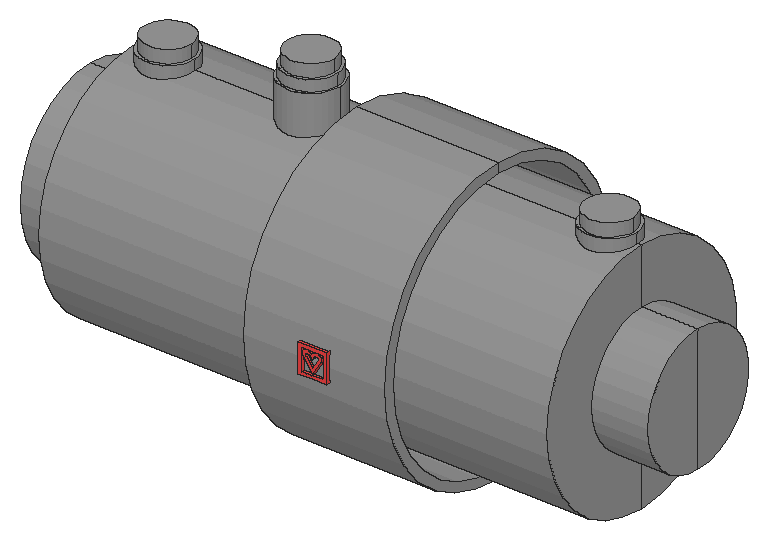
Revit family "Systemtrenner 0307 IG-AG", category Rohrzubehör, Revit 2021
Family settings
  Bemaßung runder Anschluss = Durchmesser verwenden
  Teiletyp = Unterbricht
  OmniClass-Nummer = 23.65.55.14
  OmniClass-Titel = Valves for Liquid Services
  Arbeitsebenenbasiert = Nein
  Immer vertikal = Ja
  Beim Laden mit Abzugskörper schneiden = Nein
  Gemeinsam genutzt = Nein
Parameters (values of type "IG-AG DN40-DN40")
  Vorgabe-Ansicht = 0.000 mm
  URL = "www.herz-armaturen.at"
  SCTWSEQ = "AW;SBT_TYP_AW=\"104\";2"
  SCTWCODE = "04;12;02"  # constant formula
  S03 = 15.000 mm  # constant formula
  S02 = 45.000 mm  # constant formula
  S01 = 98.000 mm  # constant formula
  Nennweite Ein [instance] = if(IG_AG_DN40_DN40, 40.000 mm, if(IG_AG_DN40_DN50, 40.000 mm, if(IG_AG_DN50_DN40, 50.000 mm, if(IG_AG_DN50_DN50, 50.000 mm, 0.000 mm))))  # 40.000 mm
  Nennweite Aus [instance] = if(IG_AG_DN40_DN40, 40.000 mm, if(IG_AG_DN40_DN50, 50.000 mm, if(IG_AG_DN50_DN40, 40.000 mm, if(IG_AG_DN50_DN50, 50.000 mm, 0.000 mm))))  # 40.000 mm
  Medium = "Wasser (ohne Dampf)"
  Max. Betriebstemperatur (Kurzzeitig) = 80 °C  # constant formula
  Max. Betriebstemperatur = 65 °C  # constant formula
  Max. Betriebsdruck = 1000000.0 Pa  # constant formula
  L08 = 45.000 mm  # constant formula
  L07 = 24.500 mm  # constant formula
  L06 = 70.000 mm  # constant formula
  L05 = 28.000 mm  # constant formula
  L04 = 13.500 mm  # constant formula
  L03 = 84.500 mm  # constant formula
  L02 = 18.000 mm  # constant formula
  L01 = 193.000 mm  # constant formula
  Hinweis = "Gemäß Art 33 der REACH-Verordnung (EG Nr. 1907/2006) sind wir verpflichtet, darauf hinzuweisen, dass der Stoff Blei auf der SVHC-Liste geführt wird und dass alle aus Messing bestehenden Bauteile, die in unseren Erzeugnissen verarbeitet sind, mehr als 0,1 % (w/w) Blei (CAS: 7439-92-1 / EINECS: 231-100-4) enthalten.\r\nDa Blei als Legierungsbestandteil fest gebunden ist, sind keine Expositionen zu erwarten und daher sind keine zusätzlichen Angaben zur sicheren Verwendung notwendig."
  Hersteller = "HERZ Armaturen Ges.m.b.H."  # constant formula
  Gehäuse = "Edelstahl"  # constant formula
  Einbaulage = "waagrecht oder senkrecht nach unten zeigend"  # constant formula
  D03 [instance] = if(IG_AG_DN40_DN40, 28.000 mm, if(IG_AG_DN40_DN50, 28.000 mm, if(IG_AG_DN50_DN40, 33.000 mm, if(IG_AG_DN50_DN50, 33.000 mm, 0.000 mm))))  # 28.000 mm
  D02 = 45.000 mm  # constant formula
  D01 = 37.500 mm  # constant formula
  Bestellnummer [instance] = if(IG_AG_DN40_DN40, "I030702", if(IG_AG_DN40_DN50, "I030710", if(IG_AG_DN50_DN40, "I030714", if(IG_AG_DN50_DN50, "I030706", "0"))))  # "I030702"
  Ausführung = "Der Systemtrenner wurde nach der Norm DIN EN 1717 entwickelt.\r\nLaut dieser Norm ist die Wasserqualität je nach Grad der Verschmutzung in 5 Klassen eingeteilt.\r\nDer Systemtrenner Typ BA erlaubt eine Absicherung gegen Nichttrinkwasser bis zur Gefahrenklasse 4, der höchsten Gefahrenklasse, die mit einer Armatur abgesichert werden kann.\r\nEine niedrigere Absicherung eines Standrohres als mit einem Systemtrenner BA nach DIN EN 1717 entspricht nicht mehr dem Stand der Technik und führt damit bei einem Schadensfall zur Haftpflicht des Betreibers eines solchen Standrohres.\r\nDie Funktionseinheit ist als einteilige Kartusche mit groß bemessenem Steuerkolben und druckstoßgedämpftem Ablassventilsystem ausgebildet.\r\nGewindeanschlüsse sind untereinander austauschbar, wodurch 16 mögliche Anschlussvarianten (Eingangs- und Ausgangsseite erhältlich in 1 1/2” Innen- oder Außengewinde alternativ in 2” Innen- oder Außengewinde)."
  Anwendung = "Der Systemtrenner ist eine kostengünstige Lösung zum Nachrüsten von Standrohren mit der nach DIN EN 1717 zwingend vorgeschriebenen Sicherungsarmatur gegen Rücksaugen, Rückfließen oder Rückdrücken von Nichttrinkwasser in die Trinkwasserleitung.\r\nDer Systemtrenner ist für den waagerechten Einbau geeignet.\r\nEr kann auch senkrecht montiert werden aber nach unten zeigend.\r\nFür den Einbau in eine Steigleitung ist er nicht zulässig."
  IG_AG_DN50_DN50 = no
  IG_AG_DN50_DN40 = no
  IG_AG_DN40_DN50 = no
  IG_AG_DN40_DN40 = yes
  IG Ein [instance] = Nennweite Ein / 2  # 20.000 mm
  AG Aus [instance] = Nennweite Aus / 2  # 20.000 mm
Types (5, lengths in mm): name | Nennweite Ein | Nennweite Aus | D03 | Bestellnummer | IG_AG_DN50_DN50 | IG_AG_DN50_DN40 | IG_AG_DN40_DN50 | IG_AG_DN40_DN40 | IG Ein | AG Aus
  (no name) | 40.000 | 40.000 | 28.000 | "I030702" | no | no | no | yes | 20.000 | 20.000
  IG-AG DN40-DN50 | 40.000 | 50.000 | 28.000 | "I030710" | no | no | yes | no | 20.000 | 25.000
  IG-AG DN40-DN40 | 40.000 | 40.000 | 28.000 | "I030702" | no | no | no | yes | 20.000 | 20.000
  IG-AG DN50-DN50 | 50.000 | 50.000 | 33.000 | "I030706" | yes | no | no | no | 25.000 | 25.000
  IG-AG DN50-DN40 | 50.000 | 40.000 | 33.000 | "I030714" | no | yes | no | no | 25.000 | 20.000
Reference planes
  plane 1 "Mitte (Vorne/hinten)": y = 0
  plane 2: z = 0
  plane 3 "Mitte (Links/rechts)": x = 0
Forms (mm)
  Revolve 1, solid, material "Messing, weicher Gelbton, geschweißt", detail levels fine
    sketch origin (0, 0, 0) x (1, 0, 0) y (0, 0, 1)
      loop
        line (96.5, 0) -> (96.5, 20) -> (78.5, 20) -> (78.5, 37.5) -> (-83, 37.5) -> (-83, 28) -> (-96.5, 28) -> (-96.5, 20) -> (-83, 20) -> (-83, 0) -> (96.5, 0)
      axis (-96.5, 0) -> (96.5, 0)
    angle from 0 to 360
  Revolve 2, solid, material "Acetalharz, Schwarz", detail levels fine
    sketch origin (0, 0, 0) x (1, 0, 0) y (0, 0, 1)
      loop
        line (-12, 0) -> (1.5, 0) -> (1.5, 42) -> (33, 42) -> (33, 45) -> (-12, 45) -> (-12, 0)
      axis (-12, 0) -> (33, 0)
    angle from 0 to 360
  Extrusion 3, solid, material "Messing, weicher Gelbton, geschweißt", detail levels fine
    sketch origin (0, 0, 0) x (1, 0, 0) y (0, 1, 0)
      loop
        circle (-72, 0) r 8.5
      loop
        circle (68.5, 0) r 8.5
    from 0 to 40.5
  Extrusion 4, solid, material "Acetalharz, Schwarz", detail levels fine
    sketch origin (0, 0, 0) x (1, 0, 0) y (0, 1, 0)
      loop
        circle (-72, 0) r 7.5
      loop
        circle (68.5, 0) r 7.5
    from 40.5 to 44.5
  Extrusion 5, solid, material "Messing, weicher Gelbton, geschweißt", detail levels fine
    sketch origin (0, 0, 0) x (1, 0, 0) y (0, 1, 0)
      loop
        circle (-26.5, 0) r 9.3
    from 0 to 49
  Extrusion 6, solid, material "Messing, weicher Gelbton, geschweißt", detail levels fine
    sketch origin (0, 0, 0) x (1, 0, 0) y (0, 1, 0)
      loop
        circle (-26.5, 0) r 8.5
    from 49 to 52.5
  Extrusion 7, solid, material "Acetalharz, Schwarz", visible <- "IG_AG_DN40_DN50", detail levels fine
    sketch origin (0, 0, 0) x (1, 0, 0) y (0, 1, 0)
      loop
        circle (-26.5, 0) r 7.5
    from 52.5 to 56.5
  Extrusion 8, solid, material "Acetalharz, Schwarz", visible <- "IG_AG_DN40_DN40", detail levels fine
    sketch origin (0, 0, 0) x (1, 0, 0) y (0, 1, 0)
      loop
        circle (-26.5, 0) r 7.5
    from 52.5 to 56.4
  Extrusion 9, solid, material "Acetalharz, Schwarz", visible <- "IG_AG_DN50_DN50", detail levels fine
    sketch origin (0, 0, 0) x (1, 0, 0) y (0, 1, 0)
      loop
        circle (-26.5, 0) r 7.5
    from 52.5 to 56.3
  Extrusion 10, solid, material "Acetalharz, Schwarz", visible <- "IG_AG_DN50_DN40", detail levels fine
    sketch origin (0, 0, 0) x (1, 0, 0) y (0, 1, 0)
      loop
        circle (-26.5, 0) r 7.5
    from 52.5 to 56.2
Lines and regions (mm)
  model lines, detail levels coarse+medium
    curve 1: line (-96.5, 0, 37.5) -> (96.5, 0, 37.5)
    curve 2: line (-96.5, 0, -37.5) -> (-96.5, 0, 37.5)
    curve 3: line (96.5, 0, -37.5) -> (-96.5, 0, -37.5)
    curve 4: line (96.5, 0, 37.5) -> (96.5, 0, -37.5)
    curve 5: line (-96.5, 0, -22.5) -> (-51.5, 0, -22.5)
    curve 6: line (-1.5, 0, -22.5) -> (96.5, 0, -22.5)
    curve 7: line (-96.5, 0, 22.5) -> (-51.5, 0, 22.5)
    curve 8: line (-1.5, 0, 22.5) -> (96.5, 0, 22.5)
    curve 9: line (-96.5, 37.5, 0) -> (96.5, 37.5, 0)
    curve 10: line (-96.5, -37.5, 0) -> (-96.5, 37.5, 0)
    curve 11: line (96.5, -37.5, 0) -> (-96.5, -37.5, 0)
    curve 12: line (96.5, 37.5, 0) -> (96.5, -37.5, 0)
    curve 13: line (-96.5, 22.5, 0) -> (-51.5, 22.5, 0)
    curve 14: line (-1.5, 22.5, 0) -> (96.5, 22.5, 0)
    curve 15: line (-96.5, -22.5, 0) -> (-51.5, -22.5, 0)
    curve 16: line (-1.5, -22.5, 0) -> (96.5, -22.5, 0)
Dimensions and locks
  equal spacing: curve 4, plane 3 "Mitte (Links/rechts)", curve 2
  "L01": curve 4 to curve 2
  "D01": curve 1 to plane 2 to curve 3
  "S03": curve 5 to curve 3
  "S03": curve 1 to curve 7
  "S03": curve 1 to curve 8
  "S03": curve 6 to curve 3
  "S02": curve 5 to curve 2
  "S02": curve 7 to curve 2
  "S01": curve 8 to curve 4
  "S01": curve 6 to curve 4
  equal spacing: curve 10, plane 3 "Mitte (Links/rechts)", curve 12
  "L01": curve 10 to curve 12
  "D01": curve 11 to plane 1 "Mitte (Vorne/hinten)" to curve 9
  "S03": curve 13 to curve 9
  "S03": curve 11 to curve 15
  "S03": curve 14 to curve 9
  "S03": curve 11 to curve 16
  "S01": curve 14 to curve 12
  "S01": curve 16 to curve 12
  "S02": curve 10 to curve 15
  "S02": curve 10 to curve 13
  "D02": Revolve 2 sketch curve to Revolve 2 sketch curve
  equal spacing: Revolve 2, nested 1, Revolve 2
  "D02": nested 1 to plane 1 "Mitte (Vorne/hinten)"
  Revolve 1 sketch curve to Revolve 1 sketch curve = 193.000 mm
  "AG Aus": Revolve 1 sketch curve to Revolve 1 sketch curve
  "IG Ein": Revolve 1 sketch curve to plane 2
  "D03": Revolve 1 sketch curve to plane 2
  "D01": Revolve 1 sketch curve to plane 2
  "L03": Revolve 1 to Revolve 2 sketch curve
  "L07": Revolve 1 to Extrusion 3 sketch curve
  "L05": Extrusion 3 sketch curve to Revolve 1
  "L05": Extrusion 4 sketch curve to Revolve 1
  "L07": Revolve 1 to Extrusion 4 sketch curve
  "L06": Revolve 1 to Extrusion 5 sketch curve
  "L06": Revolve 1 to Extrusion 6 sketch curve
  "L06": Revolve 1 to Extrusion 10 sketch curve
  "L06": Revolve 1 to Extrusion 9 sketch curve
  "L06": Revolve 1 to Extrusion 8 sketch curve
  "L06": Revolve 1 to Extrusion 7 sketch curve
  "L08": Revolve 2 sketch curve to Revolve 2 sketch curve
  aligned and locked: level to plane 2
Automatic sketch dimensions
  Revolve 1 sketch curve to level = 0.000 mm  (x2)
  Revolve 1 sketch curve to plane 3 "Mitte (Links/rechts)" = 96.500 mm
  Revolve 1 sketch curve to Revolve 1 sketch curve = 13.500 mm
  Revolve 1 sketch curve to Revolve 1 sketch curve = 0.000 mm
  plane 3 "Mitte (Links/rechts)" to Revolve 1 sketch curve = 78.500 mm
  Revolve 1 sketch curve to Revolve 1 sketch curve = 18.000 mm
  Revolve 1 sketch curve to Revolve 1 sketch curve = 1408.530 mm
  Revolve 1 sketch curve to Revolve 1 sketch curve = 1741.148 mm
  Revolve 2 sketch curve to level = 0.000 mm  (x2)
  plane 3 "Mitte (Links/rechts)" to Revolve 2 sketch curve = 1.500 mm
  Revolve 2 sketch curve to Revolve 2 sketch curve = 3.000 mm
  Revolve 2 sketch curve to Revolve 2 sketch curve = 1496.030 mm
  Revolve 2 sketch curve to Revolve 2 sketch curve = 1804.648 mm
  plane 1 "Mitte (Vorne/hinten)" to Extrusion 3 sketch curve = 0.000 mm  (x2)
  plane 1 "Mitte (Vorne/hinten)" to Extrusion 4 sketch curve = 0.000 mm  (x2)
  plane 1 "Mitte (Vorne/hinten)" to Extrusion 5 sketch curve = 0.000 mm
  plane 1 "Mitte (Vorne/hinten)" to Extrusion 6 sketch curve = 0.000 mm
  plane 1 "Mitte (Vorne/hinten)" to Extrusion 7 sketch curve = 0.000 mm
  plane 1 "Mitte (Vorne/hinten)" to Extrusion 8 sketch curve = 0.000 mm
  plane 1 "Mitte (Vorne/hinten)" to Extrusion 9 sketch curve = 0.000 mm
  plane 1 "Mitte (Vorne/hinten)" to Extrusion 10 sketch curve = 0.000 mm
  radius of Extrusion 3 sketch curve = 8.500 mm  (x2)
  radius of Extrusion 4 sketch curve = 7.500 mm  (x2)
  radius of Extrusion 5 sketch curve = 9.300 mm
  radius of Extrusion 6 sketch curve = 8.500 mm
  radius of Extrusion 7 sketch curve = 7.500 mm
  radius of Extrusion 8 sketch curve = 7.500 mm
  radius of Extrusion 9 sketch curve = 7.500 mm
  radius of Extrusion 10 sketch curve = 7.500 mm
Nested families
  nested 1: "Herz-Logo-vorne" at (10.5, -45, 0) x (0, 1, 0) z (0, 0, 1), type "Herz-Logo-vorne", detail levels fine
Connectors
  piping at (-83, 0, 0), diameter 40, driven by "Nennweite Ein"
    settings: on Revolve 1, index 1, connector inside diameter 609.6 mm, connector length 0.000 mm, flow factor 0, pipe flow 0.0 L/s, pressure drop 0.0 Pa, fitting loss kfactor 0, connector angle 0.00°, fixture units 0, engagement length 0.000 mm, angle of deflection 0.00°, flow configuration 0, flow direction 1, fitting loss method 0, system type 29, joint type 0, gender type 0, connector reference index -1, connector utility 0, adjustable connector no, is connector primary yes, connector description ""
  piping at (96.5, 0, 0), diameter 40, driven by "Nennweite Aus"
    settings: on Revolve 1, index 2, connector inside diameter 609.6 mm, connector length 0.000 mm, flow factor 0, pipe flow 0.0 L/s, pressure drop 0.0 Pa, fitting loss kfactor 0, connector angle 0.00°, fixture units 0, engagement length 0.000 mm, angle of deflection 0.00°, flow configuration 0, flow direction 2, fitting loss method 0, system type 29, joint type 0, gender type 0, connector reference index -1, connector utility 0, adjustable connector no, is connector primary no, connector description ""
Definition of nested family "Herz-Logo-vorne"
  Parameters (values of type "Herz-Logo-vorne")
    Default Elevation = 0.000 mm
  Reference planes
    plane 1 "Mitte (Vorne/hinten)": y = 0
    plane 2: z = 0
    plane 3 "Mitte (Links/rechts)": x = 0
  Forms (mm)
    Extrusion 1, solid
      sketch origin (0.732, -0.018, 0.017) x (0, -1, 0) y (0, 0, 1)
        loop
          line (-0.018, -4.517) -> (4.482, -4.517) -> (4.482, 4.483) -> (-4.518, 4.483) -> (-4.518, -4.517) -> (-0.018, -4.517)
        loop
          line (-0.05, -3.48) -> (3.482, -3.48) -> (3.482, 3.483) -> (-3.518, 3.483) -> (-3.518, -3.48) -> (-0.05, -3.48)
        loop
          arc (-0.018, 2.383) -> (-1.543, 3.287) -> (-3.067, 2.383) r 1.738
          arc (-3.067, 2.383) -> (-3.191, 1.899) -> (-3.067, 1.415) r 1.009
          line (-3.067, 1.415) -> (-0.018, -3.281) -> (3.032, 1.415)
          arc (3.032, 1.415) -> (3.156, 1.899) -> (3.032, 2.383) r 1.009
          arc (3.032, 2.383) -> (1.507, 3.287) -> (-0.018, 2.383) r 1.738
        loop
          arc (1.885, 1.272) -> (2.005, 1.675) -> (1.885, 2.079) r 0.74
          arc (1.885, 2.079) -> (1.265, 2.416) -> (0.644, 2.079) r 0.74
          line (0.644, 2.079) -> (-0.018, 0.97) -> (-0.679, 2.079)
          arc (-0.679, 2.079) -> (-1.3, 2.416) -> (-1.921, 2.079) r 0.74
          arc (-1.921, 2.079) -> (-2.04, 1.675) -> (-1.921, 1.272) r 0.74
          line (-1.921, 1.272) -> (-0.018, -1.658) -> (1.885, 1.272)
      from 0 to 1.5
  Dimensions and locks
    aligned and locked: level to plane 2
